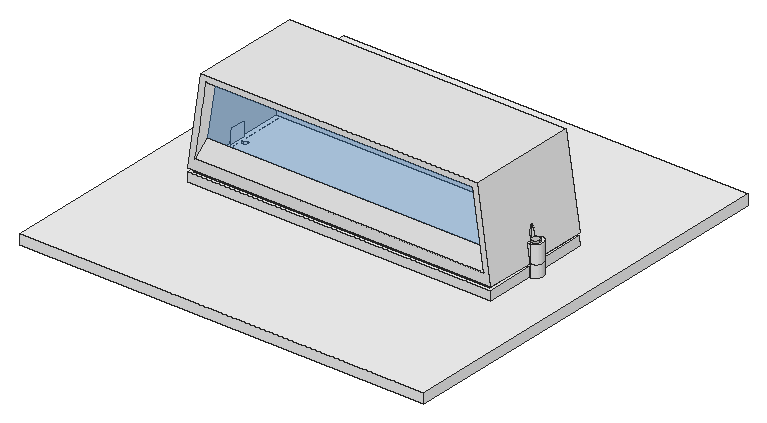
Revit family "BE_22365_de_DE", category Leuchten, Revit 2015
Parameters (values of type "BEGA_22365_Weiß_K4")
  built-in parameter 1150104 = 11.679 (stored number, unit not read)
  Wattage = 21 W
  Default Elevation = 0 mm
  built-in parameter 1150113 = 1 (stored number, unit not read)
  built-in parameter 1114218 = 1 (stored number, unit not read)
  Umgebungstemperatur = ""
  URL = "http://www.bega.de/produkt/22365"
  Typenkommentare = "© 2016 BEGA. Wir behalten uns das Recht vor, technische Änderungen ohne vorherige Ankündigung vorzunehmen."  # constant formula
  Type Image = 22365.png
  built-in parameter 1150134 = 12
  built-in parameter 1150109 = 1 (stored number, unit not read)
  Strom = ""
  built-in parameter 1150110 = 1 (stored number, unit not read)
  Spannung = 0 V
  Sonderanfertigung = no
  Seriennummer [instance] = "Hier können Sie die eindeutige Seriennummer für das Facility Management eintragen."
  Schutzklasse = "I"
  Schutzart = "IP 65"
  Scheinlast = 0 VA
  Produktdatenblatt = "http://www.bega.de/download/Xrfa/db/22365.db.de.pdf"
  Oberflächentemperatur = ""
  Neigungswinkel = 0.00°
  Modell = "22365WK4"
  Material_10 = BEGA_Glas_matt
  Material_06 = BEGA_Oberfläche_Edelstahl_gebürstet
  Material_03 = BEGA_Oberfläche_Weiss_matt
  Material_02 = BEGA_Oberfläche_Silber_matt
  Material_01 [instance] = BEGA_Oberfläche_Grafit_matt
  M_W = yes
  M_G = no
  M_A = no
  Logo = 0
  built-in parameter 1114217 = 1 (stored number, unit not read)
  built-in parameter 1150139 = (empty or 0)
  built-in parameter 1150105 = 210.08 (stored number, unit not read)
  built-in parameter 1150114 = 1 (stored number, unit not read)
  Lumens = 2639.91 lm
  built-in parameter 1150115 = 1 (stored number, unit not read)
  Leuchtenlichtstrom = "1431 lm"
  Leuchtenanzahl = ""
  Lebensdauerkriterien = "L70 = 50.000 h"
  Lastklassifizierung = Beleuchtung
  built-in parameter 1150112 = 1 (stored number, unit not read)
  Lampenlichtstrom = "2640 lm"
  Lampe = "LED 21 W"
  LED_Modulbezeichnung = "2xLED-0269/840"
  built-in parameter 1150142 = (empty or 0)
  Hersteller = "BEGA"  # constant formula
  Halbstreuwinkel = ""
  Gewicht = "1.95 kg"
  Gebrauchslageneinschränkung [instance] = ""
  Frequenz = "0/50-60 Hz"
  Farbwiedergabeindex = "Ra > 80"
  Farbtemperaturverschiebung bei Dämpfen der Lampe = <Keine Auswahl>
  Farbtemperatur = "4000 K"
  Color Filter = 16777215
  built-in parameter 1150133 = 10 (stored number, unit not read)
  Energieeffizienzklasse = "LED A++ - A"
  built-in parameter 1150137 = (empty or 0)
  built-in parameter 1150132 = (empty or 0)
  ENEC = ""
  Datei für fotometrisches Netz = "BE_22365K4.IES"
  CE_Konformität = "ja"
  Bestellnummer = "22365WK4"
  Beschreibung_Sonderanfertigung = "Hier können Sie Informationen zur Sonderanfertigung eintragen."
  Beschreibung = "Wandleuchte"
  built-in parameter 1150106 = 2.1008 (stored number, unit not read)
  Befestigungsbohrung = "Ø 5 mm"
  Befestigungsabstand = "274 mm"
  Ballwurfsicher = ""
  BEGA_Intern_aus = yes
  BEGA_Intern_an = yes
  BEGA_Intern_Konstruktion = yes
  BEGA_Intern = yes
  BEGA_IES = yes
  BEGA_Dummy = no
  Anschlussleitung = ""
  Anschlussleistung [instance] = "25.2 W"
  built-in parameter 1150107 = 4000 (stored number, unit not read)
  built-in parameter 1150102 = (empty or 0)
  built-in parameter 1150138 = (empty or 0)
  Aktualisierung = "2016-06-09T04:10:41"
  Abstand_zur_angestrahlten_Fläche [instance] = ""
  AC/DC = "AC/DC"
Types (6, lengths in mm): name | built-in parameter 1150104 | built-in parameter 1150134 | Modell | M_W | M_G | M_A | built-in parameter 1150105 | Lumens | Leuchtenlichtstrom | Lampenlichtstrom | LED_Modulbezeichnung | Farbtemperatur | Datei für fotometrisches Netz | Bestellnummer | built-in parameter 1150106 | built-in parameter 1150107
  BEGA_22365_Silber_K3 | 10.883 (stored number, unit not read) | (empty or 0) | "22365A" | no | no | yes | 195.76 (stored number, unit not read) | 2459.94 lm | "1334 lm" | "2460 lm" | "2xLED-0269/830" | "3000 K" | "BE_22365.IES" | "22365A" | 1.9576 (stored number, unit not read) | 3000 (stored number, unit not read)
  BEGA_22365_Weiß_K3 | 10.883 (stored number, unit not read) | (empty or 0) | "22365W" | yes | no | no | 195.76 (stored number, unit not read) | 2459.94 lm | "1334 lm" | "2460 lm" | "2xLED-0269/830" | "3000 K" | "BE_22365.IES" | "22365W" | 1.9576 (stored number, unit not read) | 3000 (stored number, unit not read)
  BEGA_22365_Weiß_K4 | 11.679 (stored number, unit not read) | 12 | "22365WK4" | yes | no | no | 210.08 (stored number, unit not read) | 2639.91 lm | "1431 lm" | "2640 lm" | "2xLED-0269/840" | "4000 K" | "BE_22365K4.IES" | "22365WK4" | 2.1008 (stored number, unit not read) | 4000 (stored number, unit not read)
  BEGA_22365_Grafit_K4 | 11.679 (stored number, unit not read) | 12 | "22365K4" | no | yes | no | 210.08 (stored number, unit not read) | 2639.91 lm | "1431 lm" | "2640 lm" | "2xLED-0269/840" | "4000 K" | "BE_22365K4.IES" | "22365K4" | 2.1008 (stored number, unit not read) | 4000 (stored number, unit not read)
  BEGA_22365_Silber_K4 | 11.679 (stored number, unit not read) | 12 | "22365AK4" | no | no | yes | 210.08 (stored number, unit not read) | 2639.91 lm | "1431 lm" | "2640 lm" | "2xLED-0269/840" | "4000 K" | "BE_22365K4.IES" | "22365AK4" | 2.1008 (stored number, unit not read) | 4000 (stored number, unit not read)
  BEGA_22365_Grafit_K3 | 10.883 (stored number, unit not read) | (empty or 0) | "22365" | no | yes | no | 195.76 (stored number, unit not read) | 2459.94 lm | "1334 lm" | "2460 lm" | "2xLED-0269/830" | "3000 K" | "BE_22365.IES" | "22365" | 1.9576 (stored number, unit not read) | 3000 (stored number, unit not read)
Reference planes
  plane 1 "Mitte (Vorne/Hinten)": y = 0
  plane 2: z = 0
  plane 3 "Mitte (Links/Rechts)": x = 0
  plane 4 "Links": x = -157.404
  plane 5 "Rechts": x = 157.404
  plane 6 "Unten": y = -55
  plane 7 "Oben": y = 55
  plane 8 "Vorne": z = 100
Forms (mm)
  Extrusion 1, solid, material "BEGA_Platte_Weiss"
    sketch origin (0, -1119.2, 0) x (1, 0, 0) y (0, 1, 0)
      loop
        line (-200, 1319.2) -> (-200, 919.2) -> (200, 919.2) -> (200, 1319.2) -> (-200, 1319.2)
    from 0 to -10
  Extrusion 2, solid, material "BEGA_Dummy_matt", visible <- "BEGA_Dummy"
    sketch origin (80.095, -76.023, 0) x (1, 0, 0) y (0, 1, 0)
      loop
        line (-237.5, 131.023) -> (-237.5, 21.023) -> (77.309, 21.023) -> (77.309, 131.023) -> (-237.5, 131.023)
    from 0 to 100
Dimensions and locks
  plane 1 "Mitte (Vorne/Hinten)" to Extrusion 1 = 200 mm
  aligned and locked: plane 2 to Extrusion 1
  aligned and locked: level to Extrusion 1
Nested families
  nested 1: "BE_22365" at (0, 0, 0) x (-1, 0, 0) z (0, 0, 1), type "BE_22365"
Connectors
  electrical at (0, 0, 0), driven by "Lastklassifizierung", driven by "Spannung", driven by "Scheinlast"
    settings: index 1, voltage 0 V, apparent load 0 VA, apparent load phase1 0 VA, apparent load phase2 0 VA, apparent load phase3 0 VA, power factor 1, load classification "Beleuchtung", number of poles 1, system type 31, power factor state 1, is connector primary yes, connector utility no, sub classification motor no, connector description ""
Definition of nested family "BE_22365"
  Parameters (values of type "BE_22365")
    Default Elevation = 1 mm
    URL = "http://www.bega.de/de/produkt"
    Type Comments = "© 2015 BEGA. Wir behalten uns das Recht vor, technische Änderungen ohne vorherige Ankündigung vorzunehmen. "  # constant formula
    Type Image = (empty or 0)
    Material_17 = none
    Material_15 = none
    Material_11 = none
    Material_10 = none
    Material_09 = none
    Material_06 = none
    Material_03 = none
    Material_02 = none
    Material_01 = none
    M_W = yes
    M_G = yes
    M_A = yes
    Länge_Platte = 400 mm  # constant formula
    Höhe_Platte = -10 mm  # constant formula
    Manufacturer = "BEGA"  # constant formula
    Breite_Platte = 200 mm  # constant formula
  Reference planes
    plane 1 "Mitte (Oben/Unten)": y = 0
    plane 2: z = 0
    plane 3 "Mitte (Links/Rechts)": x = 0
    plane 4 "Vorne": z = 100
    plane 5 "Hinten": z = 0
    plane 6 "Unten": y = -55
    plane 7: x = -157.404
    plane 8: x = 157.404
    plane 9: y = 55
  Forms (mm)
    Extrusion 1, solid, detail levels medium
      sketch origin (0, 0, 0) x (1, 0, 0) y (0, 1, 0)
        loop
          line (-200, 100) -> (-200, -100) -> (200, -100) -> (200, 100) -> (-200, 100)
      from 0 to -10 <- "Höhe_Platte"
    Extrusion 2, solid, material <- "Material_01", visible <- "M_G", detail levels medium+fine
      sketch origin (0, 0, 0) x (1, 0, 0) y (0, 0, 1)
        loop
          line (-136.735, 100) -> (-149.904, 12) -> (150.096, 12) -> (136.926, 100) -> (-136.735, 100)
      from 50.068 to 54.6
    Extrusion 3, solid, material <- "Material_01", visible <- "M_G", detail levels medium+fine
      sketch origin (0, 0, 0) x (1, 0, 0) y (0, 0, -1)
        loop
          line (-136.735, -100) -> (136.926, -100) -> (150.096, -12) -> (-149.904, -12) -> (-136.735, -100)
      from 48.491 to 54.6
    Extrusion 4, solid, material <- "Material_01", visible <- "M_G", detail levels medium+fine
      sketch origin (0, 0, 0) x (1, 0, 0) y (0, 0, 1)
        loop
          line (-136.735, 100) -> (-149.904, 12) -> (-145.295, 12) -> (-132.125, 100) -> (-136.735, 100)
        loop
          line (136.926, 100) -> (134.187, 100) -> (147.357, 12) -> (150.096, 12) -> (136.926, 100)
      from -54.6 to 54.6
    Extrusion 5, solid, material <- "Material_01", visible <- "M_G", detail levels medium+fine
      sketch origin (0, 0, 0) x (0, 1, 0) y (0, 0, 1)
        loop
          line (54.6, 100) -> (-54.6, 100) -> (-54.6, 97) -> (54.6, 97) -> (54.6, 100)
      from -135.181 to 135.412
    Sweep 6, solid, material <- "Material_01", visible <- "M_G", detail levels medium+fine
      path origin (0, 0, 0) x (1, 0, 0) y (0, 1, 0)
        loop
          line (150.096, 55) -> (-149.904, 55) -> (-149.904, -55) -> (150.096, -55) -> (150.096, 55)
      profile origin (150.096, 0, 0) x (1, 0, 0) y (0, 0, 1)
        loop
          line (0, 0) -> (-0.314, 9) -> (-3.226, 9) -> (-3.425, 14.7) -> (-11, 14.7) -> (-11, 12.4) -> (-6.612, 12.4) -> (-2.502, 5.735) -> (-2.301, 0) -> (0, 0)
    Extrusion 7, solid, material <- "Material_01", visible <- "M_G", detail levels medium+fine
      sketch origin (0, 0, 0) x (1, 0, 0) y (0, 1, 0)
        loop
          line (-138.904, 44) -> (-138.904, -44) -> (139.096, -44) -> (139.096, 44) -> (-138.904, 44)
      from 12.4 to 14.7
    Extrusion 8, solid, material <- "Material_01", visible <- "M_G", detail levels medium+fine
      sketch origin (0, 0, 0) x (1, 0, 0) y (0, 1, 0)
        loop
          arc (-149.904, 7.5) -> (-157.404, 0) -> (-149.904, -7.5) r 7.5
          line (-149.904, -7.5) -> (-144.904, -7.5) -> (-144.904, 7.5) -> (-149.904, 7.5)
        loop
          line (149.904, 7.5) -> (144.904, 7.5) -> (144.904, -7.5) -> (149.904, -7.5)
          arc (149.904, -7.5) -> (157.404, 0) -> (149.904, 7.5) r 7.5
      from 0 to 11.999
    Extrusion 9, solid, material <- "Material_01", visible <- "M_G", detail levels medium+fine
      sketch origin (0, 0, 0) x (1, 0, 0) y (0, 1, 0)
        loop
          line (-144.904, 7.5) -> (-149.904, 7.5)
          arc (-149.904, 7.5) -> (-157.404, 0) -> (-149.904, -7.5) r 7.5
          line (-149.904, -7.5) -> (-144.904, -7.5) -> (-144.904, 7.5)
        loop
          line (144.904, 7.5) -> (144.904, -7.5) -> (149.904, -7.5)
          arc (149.904, -7.5) -> (157.404, 0) -> (149.904, 7.5) r 7.5
          line (149.904, 7.5) -> (144.904, 7.5)
      from 12.064 to 29.5
    Extrusion 10, solid, material <- "Material_02", visible <- "M_A", detail levels medium+fine
      sketch origin (0, 0, 0) x (1, 0, 0) y (0, 0, 1)
        loop
          line (-136.735, 100) -> (-149.904, 12) -> (150.096, 12) -> (136.926, 100) -> (-136.735, 100)
      from 50.068 to 54.6
    Extrusion 11, solid, material <- "Material_02", visible <- "M_A", detail levels medium+fine
      sketch origin (0, 0, 0) x (1, 0, 0) y (0, 0, -1)
        loop
          line (-136.735, -100) -> (136.926, -100) -> (150.096, -12) -> (-149.904, -12) -> (-136.735, -100)
      from 48.491 to 54.6
    Extrusion 12, solid, material <- "Material_02", visible <- "M_A", detail levels medium+fine
      sketch origin (0, 0, 0) x (1, 0, 0) y (0, 0, 1)
        loop
          line (-136.735, 100) -> (-149.904, 12) -> (-145.295, 12) -> (-132.125, 100) -> (-136.735, 100)
        loop
          line (136.926, 100) -> (134.187, 100) -> (147.357, 12) -> (150.096, 12) -> (136.926, 100)
      from -54.6 to 54.6
    Extrusion 13, solid, material <- "Material_02", visible <- "M_A", detail levels medium+fine
      sketch origin (0, 0, 0) x (0, 1, 0) y (0, 0, 1)
        loop
          line (54.6, 100) -> (-54.6, 100) -> (-54.6, 97) -> (54.6, 97) -> (54.6, 100)
      from -135.181 to 135.412
    Extrusion 14, solid, material <- "Material_02", visible <- "M_A", detail levels medium+fine
      sketch origin (0, 0, 0) x (1, 0, 0) y (0, 1, 0)
        loop
          line (-144.904, 7.5) -> (-149.904, 7.5)
          arc (-149.904, 7.5) -> (-157.404, 0) -> (-149.904, -7.5) r 7.5
          line (-149.904, -7.5) -> (-144.904, -7.5) -> (-144.904, 7.5)
        loop
          line (144.904, 7.5) -> (144.904, -7.5) -> (149.904, -7.5)
          arc (149.904, -7.5) -> (157.404, 0) -> (149.904, 7.5) r 7.5
          line (149.904, 7.5) -> (144.904, 7.5)
      from 12.064 to 29.5
    Extrusion 15, solid, material <- "Material_03", visible <- "M_W", detail levels medium+fine
      sketch origin (0, 0, 0) x (1, 0, 0) y (0, 0, 1)
        loop
          line (-136.735, 100) -> (-149.904, 12) -> (150.096, 12) -> (136.926, 100) -> (-136.735, 100)
      from 50.068 to 54.6
    Extrusion 16, solid, material <- "Material_03", visible <- "M_W", detail levels medium+fine
      sketch origin (0, 0, 0) x (1, 0, 0) y (0, 0, -1)
        loop
          line (-136.735, -100) -> (136.926, -100) -> (150.096, -12) -> (-149.904, -12) -> (-136.735, -100)
      from 48.491 to 54.6
    Extrusion 17, solid, material <- "Material_03", visible <- "M_W", detail levels medium+fine
      sketch origin (0, 0, 0) x (1, 0, 0) y (0, 0, 1)
        loop
          line (-136.735, 100) -> (-149.904, 12) -> (-145.295, 12) -> (-132.125, 100) -> (-136.735, 100)
        loop
          line (136.926, 100) -> (134.187, 100) -> (147.357, 12) -> (150.096, 12) -> (136.926, 100)
      from -54.6 to 54.6
    Extrusion 18, solid, material <- "Material_03", visible <- "M_W", detail levels medium+fine
      sketch origin (0, 0, 0) x (0, 1, 0) y (0, 0, 1)
        loop
          line (54.6, 100) -> (-54.6, 100) -> (-54.6, 97) -> (54.6, 97) -> (54.6, 100)
      from -135.181 to 135.412
    Extrusion 19, solid, material <- "Material_03", visible <- "M_W", detail levels medium+fine
      sketch origin (0, 0, 0) x (1, 0, 0) y (0, 1, 0)
        loop
          line (-144.904, 7.5) -> (-149.904, 7.5)
          arc (-149.904, 7.5) -> (-157.404, 0) -> (-149.904, -7.5) r 7.5
          line (-149.904, -7.5) -> (-144.904, -7.5) -> (-144.904, 7.5)
        loop
          line (144.904, 7.5) -> (144.904, -7.5) -> (149.904, -7.5)
          arc (149.904, -7.5) -> (157.404, 0) -> (149.904, 7.5) r 7.5
          line (149.904, 7.5) -> (144.904, 7.5)
      from 12.064 to 29.5
    Sweep 20, solid, material <- "Material_02", visible <- "M_A", detail levels medium+fine
      path origin (0, 0, 0) x (1, 0, 0) y (0, 1, 0)
        loop
          line (150.096, 55) -> (-149.904, 55) -> (-149.904, -55) -> (150.096, -55) -> (150.096, 55)
      profile origin (150.096, 0, 0) x (1, 0, 0) y (0, 0, 1)
        loop
          line (0, 0) -> (-0.314, 9) -> (-3.226, 9) -> (-3.425, 14.7) -> (-11, 14.7) -> (-11, 12.4) -> (-6.612, 12.4) -> (-2.502, 5.735) -> (-2.301, 0) -> (0, 0)
    Extrusion 21, solid, material <- "Material_02", visible <- "M_A", detail levels medium+fine
      sketch origin (0, 0, 0) x (1, 0, 0) y (0, 1, 0)
        loop
          line (-138.904, 44) -> (-138.904, -44) -> (139.096, -44) -> (139.096, 44) -> (-138.904, 44)
      from 12.4 to 14.7
    Extrusion 22, solid, material <- "Material_02", visible <- "M_A", detail levels medium+fine
      sketch origin (0, 0, 0) x (1, 0, 0) y (0, 1, 0)
        loop
          arc (-149.904, 7.5) -> (-157.404, 0) -> (-149.904, -7.5) r 7.5
          line (-149.904, -7.5) -> (-144.904, -7.5) -> (-144.904, 7.5) -> (-149.904, 7.5)
        loop
          line (149.904, 7.5) -> (144.904, 7.5) -> (144.904, -7.5) -> (149.904, -7.5)
          arc (149.904, -7.5) -> (157.404, 0) -> (149.904, 7.5) r 7.5
      from 0 to 11.999
    Sweep 23, solid, material <- "Material_03", visible <- "M_W", detail levels medium+fine
      path origin (0, 0, 0) x (1, 0, 0) y (0, 1, 0)
        loop
          line (150.096, 55) -> (-149.904, 55) -> (-149.904, -55) -> (150.096, -55) -> (150.096, 55)
      profile origin (150.096, 0, 0) x (1, 0, 0) y (0, 0, 1)
        loop
          line (0, 0) -> (-0.314, 9) -> (-3.226, 9) -> (-3.425, 14.7) -> (-11, 14.7) -> (-11, 12.4) -> (-6.612, 12.4) -> (-2.502, 5.735) -> (-2.301, 0) -> (0, 0)
    Extrusion 24, solid, material <- "Material_03", visible <- "M_W", detail levels medium+fine
      sketch origin (0, 0, 0) x (1, 0, 0) y (0, 1, 0)
        loop
          line (-138.904, 44) -> (-138.904, -44) -> (139.096, -44) -> (139.096, 44) -> (-138.904, 44)
      from 12.4 to 14.7
    Extrusion 25, solid, material <- "Material_03", visible <- "M_W", detail levels medium+fine
      sketch origin (0, 0, 0) x (1, 0, 0) y (0, 1, 0)
        loop
          arc (-149.904, 7.5) -> (-157.404, 0) -> (-149.904, -7.5) r 7.5
          line (-149.904, -7.5) -> (-144.904, -7.5) -> (-144.904, 7.5) -> (-149.904, 7.5)
        loop
          line (149.904, 7.5) -> (144.904, 7.5) -> (144.904, -7.5) -> (149.904, -7.5)
          arc (149.904, -7.5) -> (157.404, 0) -> (149.904, 7.5) r 7.5
      from 0 to 11.999
    Blend 26, void
      base sketch origin (0, 0, 0) x (1, 0, 0) y (0, 0, 1)
        loop
          line (-139.074, 41.679) -> (139.266, 41.679) -> (131.499, 93.579) -> (-131.308, 93.579) -> (-139.074, 41.679)
      top sketch origin (0, 0, 0) x (1, 0, 0) y (0, 0, 1)
        loop
          line (141.287, 40.059) -> (132.999, 95.441) -> (-132.807, 95.441) -> (-141.096, 40.059) -> (141.287, 40.059)
      from 49.563 to 54.6
    Blend 27, void
      base sketch origin (0, 0, 0) x (1, 0, 0) y (0, 0, 1)
        loop
          line (-135.565, 41.448) -> (135.565, 41.448) -> (128.219, 90.003) -> (-128.219, 90.003) -> (-135.565, 41.448)
      top sketch origin (0, 0, 0) x (1, 0, 0) y (0, 0, 1)
        loop
          line (-142.942, 22) -> (142.942, 22) -> (132.092, 94.5) -> (-132.092, 94.5) -> (-142.942, 22)
      from -48.275 to -54.767
    Extrusion 28, solid, material <- "Material_10", detail levels medium+fine
      sketch origin (0, 0, 0) x (1, 0, 0) y (0, 0, 1)
        loop
          line (-131.814, 94.288) -> (-139.718, 41.212) -> (139.948, 41.212) -> (132.005, 94.288) -> (-131.814, 94.288)
      from 50.3 to 54.3
    Extrusion 29, solid, material <- "Material_10", detail levels medium+fine
      sketch origin (0, 0, 0) x (1, 0, 0) y (0, 0, 1)
        loop
          line (-132.694, 96.2) -> (-141.625, 36.523) -> (143.687, 36.523) -> (134.756, 96.2) -> (-132.694, 96.2)
      from -47.074 to -42.898
    Revolve 30, void
      sketch origin (0, 0, 0) x (1, 0, 0) y (0, 0, 1)
        loop
          line (-152.304, -1.585) -> (-149.904, -1.585) -> (-149.904, 44.505) -> (-154.454, 44.505) -> (-154.454, 25.7) -> (-152.304, 25.7) -> (-152.304, -1.585)
        axis (-149.904, -1.585) -> (-149.904, 44.505)
      angle from 0 to 360
    Revolve 31, void
      sketch origin (0, 0, 0) x (-1, 0, 0) y (0, 0, 1)
        loop
          line (-152.304, -1.585) -> (-149.904, -1.585) -> (-149.904, 45.446) -> (-154.454, 45.446) -> (-154.454, 25.7) -> (-152.304, 25.7) -> (-152.304, -1.585)
        axis (-149.904, -1.585) -> (-149.904, 45.446)
      angle from 0 to 360
    Extrusion 32, solid, material <- "Material_06", detail levels fine
      sketch origin (0, 0, 0) x (1, 0, 0) y (0, 1, 0)
        loop
          circle (-149.904, 0) r 4.25
        loop
          circle (149.904, 0) r 4.25
      from 25.7 to 30.7
    Extrusion 33, void
      sketch origin (0, 0, 0) x (1, 0, 0) y (0, 1, 0)
        loop
          circle (-137, 0) r 2.4
        loop
          circle (137, 0) r 2.4
        loop
          circle (-30.02, 32.956) r 8.5
        loop
          circle (29.98, 32.956) r 8.5
      from 0 to 18.103
  Cuts and joins
    Blend 26, Revolve 30, Revolve 31, Extrusion 33 cuts Extrusion 2
    Blend 27, Revolve 30, Revolve 31, Extrusion 33 cuts Extrusion 3
    Revolve 30, Revolve 31, Extrusion 33 cuts Extrusion 4
    Revolve 30, Revolve 31, Extrusion 33 cuts Extrusion 5
    Revolve 30, Revolve 31, Extrusion 33 cuts Extrusion 9
    joined: Extrusion 2, Extrusion 3, Extrusion 4, Extrusion 5, Extrusion 9
    Revolve 30, Revolve 31, Extrusion 33 cuts Sweep 6
    Revolve 30, Revolve 31, Extrusion 33 cuts Extrusion 7
    Revolve 30, Revolve 31, Extrusion 33 cuts Extrusion 8
    joined: Sweep 6, Extrusion 7, Extrusion 8
    Blend 26, Blend 27, Revolve 30, Revolve 31, Extrusion 33 cuts Extrusion 10
    Blend 27, Revolve 30, Revolve 31, Extrusion 33 cuts Extrusion 11
    Blend 27, Revolve 30, Revolve 31, Extrusion 33 cuts Extrusion 12
    Blend 27, Revolve 30, Revolve 31, Extrusion 33 cuts Extrusion 13
    Blend 27, Revolve 30, Revolve 31, Extrusion 33 cuts Extrusion 14
    joined: Extrusion 10, Extrusion 11, Extrusion 12, Extrusion 13, Extrusion 14
    Blend 26, Revolve 30, Revolve 31, Extrusion 33 cuts Extrusion 15
    Blend 26, Blend 27, Revolve 30, Revolve 31, Extrusion 33 cuts Extrusion 16
    Blend 26, Revolve 30, Revolve 31, Extrusion 33 cuts Extrusion 17
    Blend 26, Revolve 30, Revolve 31, Extrusion 33 cuts Extrusion 18
    Blend 26, Revolve 30, Revolve 31, Extrusion 33 cuts Extrusion 19
    joined: Extrusion 15, Extrusion 16, Extrusion 17, Extrusion 18, Extrusion 19
    Revolve 30, Revolve 31, Extrusion 33 cuts Sweep 20
    Revolve 30, Revolve 31, Extrusion 33 cuts Extrusion 21
    Revolve 30, Revolve 31, Extrusion 33 cuts Extrusion 22
    joined: Sweep 20, Extrusion 21, Extrusion 22
    Revolve 30, Revolve 31, Extrusion 33 cuts Sweep 23
    Revolve 30, Revolve 31, Extrusion 33 cuts Extrusion 24
    Revolve 30, Revolve 31, Extrusion 33 cuts Extrusion 25
    joined: Sweep 23, Extrusion 24, Extrusion 25
  Dimensions and locks
    equal spacing: Extrusion 1 sketch curve, plane 3 "Mitte (Links/Rechts)", Extrusion 1 sketch curve
    equal spacing: Extrusion 1 sketch curve, plane 1 "Mitte (Oben/Unten)", Extrusion 1 sketch curve
    "Länge_Platte": Extrusion 1 sketch curve to Extrusion 1 sketch curve
    "Breite_Platte": Extrusion 1 sketch curve to Extrusion 1 sketch curve
    aligned and locked: plane 2 to Extrusion 1
    aligned and locked: level to Extrusion 1
  Automatic sketch dimensions
    level to Extrusion 2 sketch curve = 12 mm
    Extrusion 2 sketch curve to Extrusion 2 sketch curve = 88 mm
    level to Extrusion 3 sketch curve = 12 mm
    Extrusion 3 sketch curve to Extrusion 3 sketch curve = 88 mm
    level to Extrusion 4 sketch curve = 12 mm  (x2)
    Extrusion 4 sketch curve to Extrusion 4 sketch curve = 4.61 mm  (x2)
    Extrusion 4 sketch curve to Extrusion 4 sketch curve = 2.739 mm  (x2)
    Extrusion 4 sketch curve to Extrusion 4 sketch curve = 88 mm  (x2)
    plane 1 "Mitte (Oben/Unten)" to Extrusion 5 sketch curve = 54.6 mm
    Extrusion 5 sketch curve to plane 1 "Mitte (Oben/Unten)" = 54.6 mm
    level to Extrusion 5 sketch curve = 97 mm
    Extrusion 5 sketch curve to Extrusion 5 sketch curve = 3 mm
    plane 1 "Mitte (Oben/Unten)" to Sweep 6 sketch curve = 55 mm
    Sweep 6 sketch curve to plane 1 "Mitte (Oben/Unten)" = 55 mm
    Sweep 6 sketch curve to level = 0 mm
    profile plane to Sweep 6 sketch curve = 0 mm
    profile plane to Sweep 6 sketch curve = 0.314 mm
    profile plane to Sweep 6 sketch curve = 2.301 mm
    profile plane to Sweep 6 sketch curve = 2.502 mm
    Sweep 6 sketch curve to Sweep 6 sketch curve = 2.912 mm
    profile plane to Sweep 6 sketch curve = 3.425 mm
    Sweep 6 sketch curve to Sweep 6 sketch curve = 3.187 mm
    Sweep 6 sketch curve to Sweep 6 sketch curve = 4.388 mm
    level to Sweep 6 sketch curve = 5.735 mm
    Sweep 6 sketch curve to Sweep 6 sketch curve = 3.265 mm
    Sweep 6 sketch curve to Sweep 6 sketch curve = 3.4 mm
    Sweep 6 sketch curve to Sweep 6 sketch curve = 2.3 mm
    plane 1 "Mitte (Oben/Unten)" to Extrusion 7 sketch curve = 44 mm
    Extrusion 7 sketch curve to plane 1 "Mitte (Oben/Unten)" = 44 mm
    plane 1 "Mitte (Oben/Unten)" to Extrusion 8 sketch curve = 0 mm  (x2)
    plane 1 "Mitte (Oben/Unten)" to Extrusion 8 sketch curve = 7.5 mm  (x2)
    Extrusion 8 sketch curve to Extrusion 8 sketch curve = 5 mm  (x2)
    plane 1 "Mitte (Oben/Unten)" to Extrusion 9 sketch curve = 0 mm  (x2)
    Extrusion 9 sketch curve to plane 1 "Mitte (Oben/Unten)" = 7.5 mm  (x2)
    Extrusion 9 sketch curve to Extrusion 9 sketch curve = 5 mm  (x2)
    level to Extrusion 10 sketch curve = 12 mm
    Extrusion 10 sketch curve to Extrusion 10 sketch curve = 88 mm
    level to Extrusion 11 sketch curve = 12 mm
    Extrusion 11 sketch curve to Extrusion 11 sketch curve = 88 mm
    level to Extrusion 12 sketch curve = 12 mm  (x2)
    Extrusion 12 sketch curve to Extrusion 12 sketch curve = 4.61 mm  (x2)
    Extrusion 12 sketch curve to Extrusion 12 sketch curve = 2.739 mm  (x2)
    Extrusion 12 sketch curve to Extrusion 12 sketch curve = 88 mm  (x2)
    plane 1 "Mitte (Oben/Unten)" to Extrusion 13 sketch curve = 54.6 mm
    Extrusion 13 sketch curve to plane 1 "Mitte (Oben/Unten)" = 54.6 mm
    level to Extrusion 13 sketch curve = 97 mm
    Extrusion 13 sketch curve to Extrusion 13 sketch curve = 3 mm
    plane 1 "Mitte (Oben/Unten)" to Extrusion 14 sketch curve = 0 mm  (x2)
    Extrusion 14 sketch curve to plane 1 "Mitte (Oben/Unten)" = 7.5 mm  (x2)
    Extrusion 14 sketch curve to Extrusion 14 sketch curve = 5 mm  (x2)
    level to Extrusion 15 sketch curve = 12 mm
    Extrusion 15 sketch curve to Extrusion 15 sketch curve = 88 mm
    level to Extrusion 16 sketch curve = 12 mm
    Extrusion 16 sketch curve to Extrusion 16 sketch curve = 88 mm
    level to Extrusion 17 sketch curve = 12 mm  (x2)
    Extrusion 17 sketch curve to Extrusion 17 sketch curve = 4.61 mm  (x2)
    Extrusion 17 sketch curve to Extrusion 17 sketch curve = 2.739 mm  (x2)
    Extrusion 17 sketch curve to Extrusion 17 sketch curve = 88 mm  (x2)
    plane 1 "Mitte (Oben/Unten)" to Extrusion 18 sketch curve = 54.6 mm
    Extrusion 18 sketch curve to plane 1 "Mitte (Oben/Unten)" = 54.6 mm
    level to Extrusion 18 sketch curve = 97 mm
    Extrusion 18 sketch curve to Extrusion 18 sketch curve = 3 mm
    plane 1 "Mitte (Oben/Unten)" to Extrusion 19 sketch curve = 0 mm  (x2)
    Extrusion 19 sketch curve to plane 1 "Mitte (Oben/Unten)" = 7.5 mm  (x2)
    Extrusion 19 sketch curve to Extrusion 19 sketch curve = 5 mm  (x2)
    plane 1 "Mitte (Oben/Unten)" to Sweep 20 sketch curve = 55 mm
    Sweep 20 sketch curve to plane 1 "Mitte (Oben/Unten)" = 55 mm
    Sweep 20 sketch curve to level = 0 mm
    profile plane to Sweep 20 sketch curve = 0 mm
    profile plane to Sweep 20 sketch curve = 0.314 mm
    profile plane to Sweep 20 sketch curve = 2.301 mm
    profile plane to Sweep 20 sketch curve = 2.502 mm
    Sweep 20 sketch curve to Sweep 20 sketch curve = 2.912 mm
    profile plane to Sweep 20 sketch curve = 3.425 mm
    Sweep 20 sketch curve to Sweep 20 sketch curve = 3.187 mm
    Sweep 20 sketch curve to Sweep 20 sketch curve = 4.388 mm
    level to Sweep 20 sketch curve = 5.735 mm
    Sweep 20 sketch curve to Sweep 20 sketch curve = 3.265 mm
    Sweep 20 sketch curve to Sweep 20 sketch curve = 3.4 mm
    Sweep 20 sketch curve to Sweep 20 sketch curve = 2.3 mm
    plane 1 "Mitte (Oben/Unten)" to Extrusion 21 sketch curve = 44 mm
    Extrusion 21 sketch curve to plane 1 "Mitte (Oben/Unten)" = 44 mm
    plane 1 "Mitte (Oben/Unten)" to Extrusion 22 sketch curve = 0 mm  (x2)
    plane 1 "Mitte (Oben/Unten)" to Extrusion 22 sketch curve = 7.5 mm  (x2)
    Extrusion 22 sketch curve to Extrusion 22 sketch curve = 5 mm  (x2)
    plane 1 "Mitte (Oben/Unten)" to Sweep 23 sketch curve = 55 mm
    Sweep 23 sketch curve to plane 1 "Mitte (Oben/Unten)" = 55 mm
    Sweep 23 sketch curve to level = 0 mm
    profile plane to Sweep 23 sketch curve = 0 mm
    profile plane to Sweep 23 sketch curve = 0.314 mm
    profile plane to Sweep 23 sketch curve = 2.301 mm
    profile plane to Sweep 23 sketch curve = 2.502 mm
    Sweep 23 sketch curve to Sweep 23 sketch curve = 2.912 mm
    profile plane to Sweep 23 sketch curve = 3.425 mm
    Sweep 23 sketch curve to Sweep 23 sketch curve = 3.187 mm
    Sweep 23 sketch curve to Sweep 23 sketch curve = 4.388 mm
    level to Sweep 23 sketch curve = 5.735 mm
    Sweep 23 sketch curve to Sweep 23 sketch curve = 3.265 mm
    Sweep 23 sketch curve to Sweep 23 sketch curve = 3.4 mm
    Sweep 23 sketch curve to Sweep 23 sketch curve = 2.3 mm
    plane 1 "Mitte (Oben/Unten)" to Extrusion 24 sketch curve = 44 mm
    Extrusion 24 sketch curve to plane 1 "Mitte (Oben/Unten)" = 44 mm
    plane 1 "Mitte (Oben/Unten)" to Extrusion 25 sketch curve = 0 mm  (x2)
    plane 1 "Mitte (Oben/Unten)" to Extrusion 25 sketch curve = 7.5 mm  (x2)
    Extrusion 25 sketch curve to Extrusion 25 sketch curve = 5 mm  (x2)
    Blend 26 sketch curve to Blend 26 sketch curve = 7.767 mm  (x2)
    level to Blend 26 sketch curve = 41.679 mm
    Blend 26 sketch curve to Blend 26 sketch curve = 51.9 mm
    Blend 26 sketch curve to Blend 26 sketch curve = 8.288 mm  (x2)
    level to Blend 26 sketch curve = 40.059 mm
    Blend 26 sketch curve to Blend 26 sketch curve = 55.382 mm
    Blend 27 sketch curve to Blend 27 sketch curve = 7.346 mm  (x2)
    level to Blend 27 sketch curve = 41.448 mm
    Blend 27 sketch curve to Blend 27 sketch curve = 48.556 mm
    level to Blend 27 sketch curve = 22 mm
    Blend 27 sketch curve to Blend 27 sketch curve = 72.5 mm
    Extrusion 28 sketch curve to Extrusion 28 sketch curve = 7.904 mm
    Extrusion 28 sketch curve to Extrusion 28 sketch curve = 7.943 mm
    level to Extrusion 28 sketch curve = 41.212 mm
    Extrusion 28 sketch curve to Extrusion 28 sketch curve = 53.076 mm
    Extrusion 29 sketch curve to Extrusion 29 sketch curve = 8.931 mm  (x2)
    level to Extrusion 29 sketch curve = 36.523 mm
    Extrusion 29 sketch curve to Extrusion 29 sketch curve = 59.677 mm
    Revolve 30 sketch curve to level = 0 mm
    Revolve 30 sketch curve to level = 1.585 mm
    Revolve 30 sketch curve to Revolve 30 sketch curve = 2.15 mm
    Revolve 30 sketch curve to Revolve 30 sketch curve = 4.55 mm
    level to Revolve 30 sketch curve = 25.7 mm
    Revolve 30 sketch curve to Revolve 30 sketch curve = 18.805 mm
    Revolve 30 sketch curve to Revolve 30 sketch curve = 0 mm
    Revolve 30 sketch curve to Revolve 30 sketch curve = 4.223 mm
    Revolve 31 sketch curve to level = 0 mm
    level to Revolve 31 sketch curve = 1.585 mm
    Revolve 31 sketch curve to Revolve 31 sketch curve = 2.15 mm
    Revolve 31 sketch curve to Revolve 31 sketch curve = 4.55 mm
    Revolve 31 sketch curve to level = 25.7 mm
    Revolve 31 sketch curve to Revolve 31 sketch curve = 19.746 mm
    Revolve 31 sketch curve to Revolve 31 sketch curve = 0 mm
    Revolve 31 sketch curve to Revolve 31 sketch curve = 4.223 mm
    plane 1 "Mitte (Oben/Unten)" to Extrusion 32 sketch curve = 0 mm  (x2)
    plane 1 "Mitte (Oben/Unten)" to Extrusion 33 sketch curve = 0 mm  (x2)
    Extrusion 33 sketch curve to plane 3 "Mitte (Links/Rechts)" = 30.02 mm
    plane 3 "Mitte (Links/Rechts)" to Extrusion 33 sketch curve = 29.98 mm
    Extrusion 33 sketch curve to plane 1 "Mitte (Oben/Unten)" = 32.956 mm  (x2)
    Extrusion 2 sketch curve to plane 3 "Mitte (Links/Rechts)" = 136.735 mm
    Extrusion 2 sketch curve to Extrusion 2 sketch curve = 13.169 mm  (x2)
    Extrusion 3 sketch curve to plane 3 "Mitte (Links/Rechts)" = 136.735 mm
    Extrusion 3 sketch curve to Extrusion 3 sketch curve = 13.169 mm  (x2)
    Extrusion 4 sketch curve to plane 3 "Mitte (Links/Rechts)" = 132.125 mm
    Extrusion 4 sketch curve to Extrusion 4 sketch curve = 8.56 mm
    Sweep 6 sketch curve to plane 3 "Mitte (Links/Rechts)" = 149.904 mm
    Extrusion 7 sketch curve to plane 3 "Mitte (Links/Rechts)" = 138.904 mm
    Extrusion 8 sketch curve to plane 3 "Mitte (Links/Rechts)" = 144.904 mm
    Extrusion 9 sketch curve to plane 3 "Mitte (Links/Rechts)" = 144.904 mm
    Extrusion 10 sketch curve to plane 3 "Mitte (Links/Rechts)" = 136.735 mm
    Extrusion 10 sketch curve to Extrusion 10 sketch curve = 13.169 mm  (x2)
    Extrusion 11 sketch curve to plane 3 "Mitte (Links/Rechts)" = 136.735 mm
    Extrusion 11 sketch curve to Extrusion 11 sketch curve = 13.169 mm  (x2)
    Extrusion 12 sketch curve to plane 3 "Mitte (Links/Rechts)" = 132.125 mm
    Extrusion 12 sketch curve to Extrusion 12 sketch curve = 8.56 mm
    Extrusion 14 sketch curve to plane 3 "Mitte (Links/Rechts)" = 144.904 mm
    Extrusion 15 sketch curve to plane 3 "Mitte (Links/Rechts)" = 136.735 mm
    Extrusion 15 sketch curve to Extrusion 15 sketch curve = 13.169 mm  (x2)
    Extrusion 16 sketch curve to plane 3 "Mitte (Links/Rechts)" = 136.735 mm
    Extrusion 16 sketch curve to Extrusion 16 sketch curve = 13.169 mm  (x2)
    Extrusion 17 sketch curve to plane 3 "Mitte (Links/Rechts)" = 132.125 mm
    Extrusion 17 sketch curve to Extrusion 17 sketch curve = 8.56 mm
    Extrusion 19 sketch curve to plane 3 "Mitte (Links/Rechts)" = 144.904 mm
    Sweep 20 sketch curve to plane 3 "Mitte (Links/Rechts)" = 149.904 mm
    Extrusion 21 sketch curve to plane 3 "Mitte (Links/Rechts)" = 138.904 mm
    Extrusion 22 sketch curve to plane 3 "Mitte (Links/Rechts)" = 144.904 mm
    Sweep 23 sketch curve to plane 3 "Mitte (Links/Rechts)" = 149.904 mm
    Extrusion 24 sketch curve to plane 3 "Mitte (Links/Rechts)" = 138.904 mm
    Extrusion 25 sketch curve to plane 3 "Mitte (Links/Rechts)" = 144.904 mm
    Blend 26 sketch curve to plane 3 "Mitte (Links/Rechts)" = 131.308 mm
    Blend 26 sketch curve to plane 3 "Mitte (Links/Rechts)" = 132.807 mm
    Blend 27 sketch curve to plane 3 "Mitte (Links/Rechts)" = 128.219 mm
    Blend 27 sketch curve to plane 3 "Mitte (Links/Rechts)" = 132.092 mm
    Blend 27 sketch curve to Blend 27 sketch curve = 10.85 mm  (x2)
    Extrusion 28 sketch curve to plane 3 "Mitte (Links/Rechts)" = 131.814 mm
    Extrusion 29 sketch curve to plane 3 "Mitte (Links/Rechts)" = 132.694 mm
    Revolve 30 sketch curve to plane 3 "Mitte (Links/Rechts)" = 154.454 mm
    Extrusion 32 sketch curve to plane 3 "Mitte (Links/Rechts)" = 149.904 mm
    Extrusion 33 sketch curve to Extrusion 33 sketch curve = 106.98 mm
    plane 3 "Mitte (Links/Rechts)" to Extrusion 2 sketch curve = 136.926 mm
    plane 3 "Mitte (Links/Rechts)" to Extrusion 3 sketch curve = 136.926 mm
    plane 3 "Mitte (Links/Rechts)" to Extrusion 4 sketch curve = 134.187 mm
    Extrusion 4 sketch curve to Extrusion 4 sketch curve = 10.431 mm
    plane 3 "Mitte (Links/Rechts)" to Sweep 6 sketch curve = 150.096 mm
    plane 3 "Mitte (Links/Rechts)" to Extrusion 7 sketch curve = 139.096 mm
    plane 3 "Mitte (Links/Rechts)" to Extrusion 8 sketch curve = 144.904 mm
    plane 3 "Mitte (Links/Rechts)" to Extrusion 9 sketch curve = 144.904 mm
    plane 3 "Mitte (Links/Rechts)" to Extrusion 10 sketch curve = 136.926 mm
    plane 3 "Mitte (Links/Rechts)" to Extrusion 11 sketch curve = 136.926 mm
    plane 3 "Mitte (Links/Rechts)" to Extrusion 12 sketch curve = 134.187 mm
    Extrusion 12 sketch curve to Extrusion 12 sketch curve = 10.431 mm
    plane 3 "Mitte (Links/Rechts)" to Extrusion 14 sketch curve = 144.904 mm
    plane 3 "Mitte (Links/Rechts)" to Extrusion 15 sketch curve = 136.926 mm
    plane 3 "Mitte (Links/Rechts)" to Extrusion 16 sketch curve = 136.926 mm
    plane 3 "Mitte (Links/Rechts)" to Extrusion 17 sketch curve = 134.187 mm
    Extrusion 17 sketch curve to Extrusion 17 sketch curve = 10.431 mm
    plane 3 "Mitte (Links/Rechts)" to Extrusion 19 sketch curve = 144.904 mm
    plane 3 "Mitte (Links/Rechts)" to Sweep 20 sketch curve = 150.096 mm
    plane 3 "Mitte (Links/Rechts)" to Extrusion 21 sketch curve = 139.096 mm
    plane 3 "Mitte (Links/Rechts)" to Extrusion 22 sketch curve = 144.904 mm
    plane 3 "Mitte (Links/Rechts)" to Sweep 23 sketch curve = 150.096 mm
    plane 3 "Mitte (Links/Rechts)" to Extrusion 24 sketch curve = 139.096 mm
    plane 3 "Mitte (Links/Rechts)" to Extrusion 25 sketch curve = 144.904 mm
    plane 3 "Mitte (Links/Rechts)" to Blend 26 sketch curve = 131.499 mm
    plane 3 "Mitte (Links/Rechts)" to Blend 26 sketch curve = 132.999 mm
    plane 3 "Mitte (Links/Rechts)" to Blend 27 sketch curve = 128.219 mm
    plane 3 "Mitte (Links/Rechts)" to Blend 27 sketch curve = 132.092 mm
    plane 3 "Mitte (Links/Rechts)" to Extrusion 28 sketch curve = 132.005 mm
    plane 3 "Mitte (Links/Rechts)" to Extrusion 29 sketch curve = 134.756 mm
    Revolve 31 sketch curve to plane 3 "Mitte (Links/Rechts)" = 154.454 mm
    plane 3 "Mitte (Links/Rechts)" to Extrusion 32 sketch curve = 149.904 mm
    Extrusion 33 sketch curve to Extrusion 33 sketch curve = 107.02 mm
    radius of Extrusion 32 sketch curve = 4.25 mm  (x2)
    radius of Extrusion 33 sketch curve = 2.4 mm  (x2)
    radius of Extrusion 33 sketch curve = 8.5 mm  (x2)
